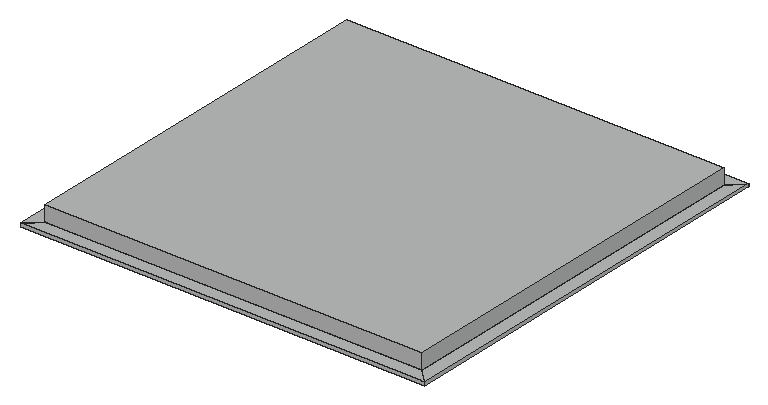
Revit family "AVRORA", category Осветительные приборы, Revit 2019 (continued)
Types (10, lengths in mm): name | built-in parameter 1150134 | Файл фотометрической сетки | built-in parameter 1150142 | built-in parameter 1150107 | Emit from Rectangle Width | Emit from Rectangle Length | Длина | Ширина | ADSK_Обозначение | ADSK_Наименование | ADSK_Код изделия
  AVRORA-32/opal-sand 595x595х25 (IP20, 4000К) с БАП на 3 часа | 12 | "Светильник AVRORA-32  OPAL-SAND-(595x595).ies" | "IESNA:LM-63-95\r\n[TEST] Протокол № 50-12 \r\n[DATA] 20.06.2016\r\n[MORE] \r\n[MANUFAC] ЗАО \"Центрстройсвет\"\r\n[LUMCAT]  Светильник ALUMOGIPS-38/OPAL-SAND-(610x610)\r\n[LUMINAIRE]\r\n[LAMPCAT] Светодиоды\r\n[LAMP] Поток источника света (светодиодов) не известен\r\n[MORE] КСС приведена в абсолютных величинах кд\r\n[MORE] Вместо потока лампы, указан поток светильника.\r\nTILT=NONE\r\n1    3750 1.0 37 73 1 2 0.61 0.61 0.04\r\n1.0 1.0 38.7\r\n0.0 5.0 10.0 15.0 20.0 25.0 30.0 35.0 40.0 45.0 50.0 55.0 60.0 65.0 70.0 75.0 80.0 85.0 90.0 95.0 100.0 105.0 110.0 115.0 120.0 125.0 130.0 135.0 140.0 145.0 150.0 155.0 160.0 165.0 170.0 175.0 180.0\r\n0.0 5.0 10.0 15.0 20.0 25.0 30.0 35.0 40.0 45.0 50.0 55.0 60.0 65.0 70.0 75.0 80.0 85.0 90.0 95.0 100.0 105.0 110.0 115.0 120.0 125.0 130.0 135.0 140.0 145.0 150.0 155.0 160.0 165.0 170.0 175.0 180.0 185.0 190.0 195.0 200.0 205.0 210.0 215.0 220.0 225.0 230.0 235.0 240.0 245.0 250.0 255.0 260.0 265.0 270.0 275.0 280.0 285.0 290.0 295.0 300.0 305.0 310.0 315.0 320.0 325.0 330.0 335.0 340.0 345.0 350.0 355.0 360.0\r\n1391.4 1390.6 1365.7 1330.6 1277.5 1214.9 1147.5 1059.6 967.6 873.2 772.4 664.9 556.3 449.1 342.7 240.6 147.1 64.2 4.7 0.0 0.0 0.0 0.0 0.0 0.0 0.0 0.0 0.0 0.0 0.0 0.0 0.0 0.0 0.0 0.0 0.0 0.0\r\n1391.4 1390.5 1367.8 1332.7 1284.3 1221.3 1147.0 1062.1 969.2 872.4 773.2 666.3 557.1 450.1 343.8 241.9 146.9 64.7 5.2 0.0 0.0 0.0 0.0 0.0 0.0 0.0 0.0 0.0 0.0 0.0 0.0 0.0 0.0 0.0 0.0 0.0 0.0\r\n1391.4 1390.2 1372.0 1333.3 1277.3 1216.8 1144.5 1057.4 969.6 875.1 773.8 669.5 560.0 454.6 345.8 242.4 148.5 65.8 5.4 0.0 0.0 0.0 0.0 0.0 0.0 0.0 0.0 0.0 0.0 0.0 0.0 0.0 0.0 0.0 0.0 0.0 0.0\r\n1391.4 1389.8 1371.2 1330.7 1279.5 1220.5 1148.3 1059.9 967.7 873.2 767.5 666.8 561.4 453.0 347.1 243.7 149.9 65.6 5.8 0.0 0.0 0.0 0.0 0.0 0.0 0.0 0.0 0.0 0.0 0.0 0.0 0.0 0.0 0.0 0.0 0.0 0.0\r\n1391.4 1389.8 1368.3 1329.3 1285.0 1214.6 1141.1 1058.7 971.8 871.3 775.2 666.9 559.4 452.6 345.8 242.5 150.0 65.8 6.1 0.0 0.0 0.0 0.0 0.0 0.0 0.0 0.0 0.0 0.0 0.0 0.0 0.0 0.0 0.0 0.0 0.0 0.0\r\n1391.4 1390.5 1367.3 1332.3 1281.7 1219.0 1142.8 1064.6 970.5 874.4 772.1 667.5 560.2 453.0 346.2 241.8 149.4 65.7 5.6 0.0 0.0 0.0 0.0 0.0 0.0 0.0 0.0 0.0 0.0 0.0 0.0 0.0 0.0 0.0 0.0 0.0 0.0\r\n1391.4 1391.4 1368.1 1333.5 1277.3 1215.7 1139.0 1059.6 968.1 872.4 771.6 667.4 558.8 453.3 344.3 243.9 148.4 65.7 5.4 0.0 0.0 0.0 0.0 0.0 0.0 0.0 0.0 0.0 0.0 0.0 0.0 0.0 0.0 0.0 0.0 0.0 0.0\r\n1391.4 1391.7 1368.1 1330.4 1278.2 1213.9 1142.4 1061.6 967.4 875.1 772.0 669.3 561.1 452.5 345.2 242.1 148.3 65.4 5.5 0.0 0.0 0.0 0.0 0.0 0.0 0.0 0.0 0.0 0.0 0.0 0.0 0.0 0.0 0.0 0.0 0.0 0.0\r\n1391.4 1391.5 1371.0 1328.4 1278.5 1216.7 1142.1 1061.2 971.8 874.7 772.1 668.9 560.8 452.9 345.4 243.3 147.7 66.0 5.4 0.0 0.0 0.0 0.0 0.0 0.0 0.0 0.0 0.0 0.0 0.0 0.0 0.0 0.0 0.0 0.0 0.0 0.0\r\n1391.4 1391.5 1373.2 1330.5 1277.3 1215.5 1143.2 1063.6 967.0 872.7 772.2 669.4 558.9 453.2 346.6 241.9 148.1 65.2 5.5 0.0 0.0 0.0 0.0 0.0 0.0 0.0 0.0 0.0 0.0 0.0 0.0 0.0 0.0 0.0 0.0 0.0 0.0\r\n1391.4 1391.4 1369.7 1328.3 1281.3 1216.0 1139.8 1057.9 968.7 875.3 773.9 667.6 561.8 454.0 344.0 243.1 147.2 65.6 5.5 0.0 0.0 0.0 0.0 0.0 0.0 0.0 0.0 0.0 0.0 0.0 0.0 0.0 0.0 0.0 0.0 0.0 0.0\r\n1391.4 1390.5 1367.9 1330.1 1278.1 1218.1 1138.9 1061.0 970.0 871.8 770.4 669.3 560.2 453.4 346.9 242.1 148.3 65.2 5.2 0.0 0.0 0.0 0.0 0.0 0.0 0.0 0.0 0.0 0.0 0.0 0.0 0.0 0.0 0.0 0.0 0.0 0.0\r\n1391.4 1389.3 1368.2 1329.1 1280.8 1214.4 1142.5 1059.2 967.2 874.3 772.4 668.0 563.1 452.3 345.7 242.8 146.8 64.9 5.1 0.0 0.0 0.0 0.0 0.0 0.0 0.0 0.0 0.0 0.0 0.0 0.0 0.0 0.0 0.0 0.0 0.0 0.0\r\n1391.4 1388.6 1367.4 1327.8 1278.0 1215.7 1141.0 1061.0 971.5 877.3 771.2 667.3 561.5 453.0 346.4 242.4 146.3 64.8 5.2 0.0 0.0 0.0 0.0 0.0 0.0 0.0 0.0 0.0 0.0 0.0 0.0 0.0 0.0 0.0 0.0 0.0 0.0\r\n1391.4 1388.0 1367.6 1326.7 1278.3 1218.0 1140.9 1061.5 968.4 873.4 770.1 666.6 562.1 454.6 344.8 241.8 146.4 64.0 5.5 0.0 0.0 0.0 0.0 0.0 0.0 0.0 0.0 0.0 0.0 0.0 0.0 0.0 0.0 0.0 0.0 0.0 0.0\r\n1391.4 1387.2 1366.1 1331.0 1281.4 1216.3 1142.7 1059.1 969.4 871.5 772.2 667.3 560.5 453.0 344.4 242.2 146.4 63.8 5.6 0.0 0.0 0.0 0.0 0.0 0.0 0.0 0.0 0.0 0.0 0.0 0.0 0.0 0.0 0.0 0.0 0.0 0.0\r\n1391.4 1387.1 1366.3 1328.7 1276.9 1214.5 1141.2 1059.3 968.4 874.3 775.5 668.3 562.5 454.9 346.4 241.3 146.2 63.5 5.7 0.0 0.0 0.0 0.0 0.0 0.0 0.0 0.0 0.0 0.0 0.0 0.0 0.0 0.0 0.0 0.0 0.0 0.0\r\n1391.4 1388.4 1366.0 1329.7 1279.2 1217.9 1140.0 1060.5 969.0 873.9 772.0 671.3 560.4 453.2 343.7 241.7 145.8 63.7 5.4 0.0 0.0 0.0 0.0 0.0 0.0 0.0 0.0 0.0 0.0 0.0 0.0 0.0 0.0 0.0 0.0 0.0 0.0\r\n1391.4 1389.6 1367.7 1329.3 1277.2 1211.1 1140.1 1061.0 971.0 871.2 769.2 669.1 561.5 453.1 343.3 241.9 145.8 63.4 5.2 0.0 0.0 0.0 0.0 0.0 0.0 0.0 0.0 0.0 0.0 0.0 0.0 0.0 0.0 0.0 0.0 0.0 0.0\r\n1391.4 1388.8 1366.9 1327.1 1279.4 1214.2 1142.5 1056.4 970.7 870.3 771.0 665.1 560.4 453.3 343.8 241.1 145.7 63.4 5.2 0.0 0.0 0.0 0.0 0.0 0.0 0.0 0.0 0.0 0.0 0.0 0.0 0.0 0.0 0.0 0.0 0.0 0.0\r\n1391.4 1387.2 1365.8 1328.9 1276.6 1210.2 1141.4 1059.3 966.6 871.4 770.5 667.4 559.2 451.4 344.2 241.0 145.6 63.2 5.1 0.0 0.0 0.0 0.0 0.0 0.0 0.0 0.0 0.0 0.0 0.0 0.0 0.0 0.0 0.0 0.0 0.0 0.0\r\n1391.4 1386.8 1364.4 1329.8 1279.4 1213.7 1144.0 1059.0 965.3 873.7 768.8 668.9 559.4 449.5 342.6 241.5 144.6 63.4 5.0 0.0 0.0 0.0 0.0 0.0 0.0 0.0 0.0 0.0 0.0 0.0 0.0 0.0 0.0 0.0 0.0 0.0 0.0\r\n1391.4 1388.1 1365.8 1328.1 1273.8 1213.4 1137.9 1059.2 967.3 869.2 769.3 667.7 558.4 451.4 344.0 240.6 145.7 63.4 4.9 0.0 0.0 0.0 0.0 0.0 0.0 0.0 0.0 0.0 0.0 0.0 0.0 0.0 0.0 0.0 0.0 0.0 0.0\r\n1391.4 1389.2 1364.4 1323.2 1276.3 1213.8 1137.6 1055.3 963.1 871.0 767.7 664.1 559.7 447.1 342.4 240.1 145.2 63.9 5.1 0.0 0.0 0.0 0.0 0.0 0.0 0.0 0.0 0.0 0.0 0.0 0.0 0.0 0.0 0.0 0.0 0.0 0.0\r\n1391.4 1388.4 1362.3 1326.8 1274.4 1212.2 1137.9 1054.7 966.7 867.9 768.7 663.4 557.3 449.2 343.3 240.0 145.7 63.6 5.0 0.0 0.0 0.0 0.0 0.0 0.0 0.0 0.0 0.0 0.0 0.0 0.0 0.0 0.0 0.0 0.0 0.0 0.0\r\n1391.4 1386.2 1361.8 1326.5 1273.3 1211.2 1134.5 1048.6 964.3 866.3 767.8 662.9 556.7 449.5 341.9 239.8 145.7 63.7 5.0 0.0 0.0 0.0 0.0 0.0 0.0 0.0 0.0 0.0 0.0 0.0 0.0 0.0 0.0 0.0 0.0 0.0 0.0\r\n1391.4 1384.4 1363.5 1324.4 1272.0 1209.5 1137.2 1053.0 960.2 867.5 767.9 662.7 556.7 449.2 342.5 239.1 146.2 63.8 4.8 0.0 0.0 0.0 0.0 0.0 0.0 0.0 0.0 0.0 0.0 0.0 0.0 0.0 0.0 0.0 0.0 0.0 0.0\r\n1391.4 1383.7 1362.4 1324.4 1274.0 1209.5 1134.4 1050.1 965.4 864.9 764.6 662.3 556.6 447.9 340.5 240.3 145.5 64.6 4.6 0.0 0.0 0.0 0.0 0.0 0.0 0.0 0.0 0.0 0.0 0.0 0.0 0.0 0.0 0.0 0.0 0.0 0.0\r\n1391.4 1384.4 1361.9 1326.9 1270.2 1207.3 1132.7 1050.1 959.7 867.7 763.1 662.2 555.0 447.3 343.0 238.3 145.8 63.9 4.7 0.0 0.0 0.0 0.0 0.0 0.0 0.0 0.0 0.0 0.0 0.0 0.0 0.0 0.0 0.0 0.0 0.0 0.0\r\n1391.4 1385.1 1363.0 1320.0 1270.4 1207.9 1134.4 1055.0 963.5 867.3 766.7 660.7 555.9 450.1 342.6 240.2 145.9 64.3 4.9 0.0 0.0 0.0 0.0 0.0 0.0 0.0 0.0 0.0 0.0 0.0 0.0 0.0 0.0 0.0 0.0 0.0 0.0\r\n1391.4 1384.9 1362.3 1321.4 1273.1 1208.0 1135.4 1052.3 961.9 865.0 764.0 660.8 553.5 447.6 341.2 240.3 146.1 63.8 4.8 0.0 0.0 0.0 0.0 0.0 0.0 0.0 0.0 0.0 0.0 0.0 0.0 0.0 0.0 0.0 0.0 0.0 0.0\r\n1391.4 1383.8 1361.2 1322.1 1265.1 1211.5 1132.8 1049.3 961.3 863.4 764.0 661.0 550.7 447.9 341.0 240.1 146.2 63.8 4.6 0.0 0.0 0.0 0.0 0.0 0.0 0.0 0.0 0.0 0.0 0.0 0.0 0.0 0.0 0.0 0.0 0.0 0.0\r\n1391.4 1382.8 1359.3 1321.5 1269.3 1206.8 1132.8 1051.1 958.3 863.2 763.1 662.7 553.4 448.0 340.4 240.0 145.8 63.8 4.0 0.0 0.0 0.0 0.0 0.0 0.0 0.0 0.0 0.0 0.0 0.0 0.0 0.0 0.0 0.0 0.0 0.0 0.0\r\n1391.4 1382.6 1359.0 1319.6 1268.1 1204.3 1129.8 1049.0 957.7 861.8 761.7 658.4 554.2 446.1 340.4 239.0 145.6 63.8 3.8 0.0 0.0 0.0 0.0 0.0 0.0 0.0 0.0 0.0 0.0 0.0 0.0 0.0 0.0 0.0 0.0 0.0 0.0\r\n1391.4 1382.8 1358.5 1315.8 1266.5 1202.1 1128.5 1049.2 957.6 860.0 762.1 658.2 549.9 443.8 339.6 238.4 145.7 63.6 3.7 0.0 0.0 0.0 0.0 0.0 0.0 0.0 0.0 0.0 0.0 0.0 0.0 0.0 0.0 0.0 0.0 0.0 0.0\r\n1391.4 1382.2 1360.5 1319.2 1265.9 1204.5 1129.9 1046.9 955.0 862.9 758.9 657.9 552.5 444.9 338.9 238.8 145.3 63.6 3.3 0.0 0.0 0.0 0.0 0.0 0.0 0.0 0.0 0.0 0.0 0.0 0.0 0.0 0.0 0.0 0.0 0.0 0.0\r\n1391.4 1381.1 1361.2 1321.0 1268.1 1203.8 1128.8 1047.4 955.6 863.7 761.1 656.4 551.5 445.2 339.2 238.5 144.7 62.5 3.5 0.0 0.0 0.0 0.0 0.0 0.0 0.0 0.0 0.0 0.0 0.0 0.0 0.0 0.0 0.0 0.0 0.0 0.0\r\n1391.4 1380.6 1359.0 1316.4 1268.5 1204.0 1126.1 1049.5 956.2 859.6 759.7 656.5 549.2 444.3 338.4 236.1 143.8 61.6 3.2 0.0 0.0 0.0 0.0 0.0 0.0 0.0 0.0 0.0 0.0 0.0 0.0 0.0 0.0 0.0 0.0 0.0 0.0\r\n1391.4 1380.7 1356.6 1316.0 1267.0 1205.6 1130.3 1044.8 956.9 856.7 759.3 653.5 548.1 441.9 335.3 235.4 141.4 60.3 2.9 0.0 0.0 0.0 0.0 0.0 0.0 0.0 0.0 0.0 0.0 0.0 0.0 0.0 0.0 0.0 0.0 0.0 0.0\r\n1391.4 1380.4 1354.4 1317.9 1268.8 1199.0 1129.0 1044.0 956.9 860.6 758.3 656.9 549.1 442.0 334.4 236.1 141.7 60.5 2.6 0.0 0.0 0.0 0.0 0.0 0.0 0.0 0.0 0.0 0.0 0.0 0.0 0.0 0.0 0.0 0.0 0.0 0.0\r\n1391.4 1380.1 1356.7 1322.1 1264.6 1201.7 1129.9 1047.4 957.2 859.7 758.2 656.1 549.4 442.8 335.3 235.8 141.3 60.6 2.3 0.0 0.0 0.0 0.0 0.0 0.0 0.0 0.0 0.0 0.0 0.0 0.0 0.0 0.0 0.0 0.0 0.0 0.0\r\n1391.4 1379.9 1357.3 1317.5 1265.9 1207.8 1129.2 1046.5 955.7 860.2 758.6 656.9 550.7 441.9 335.4 233.9 140.6 60.2 2.4 0.0 0.0 0.0 0.0 0.0 0.0 0.0 0.0 0.0 0.0 0.0 0.0 0.0 0.0 0.0 0.0 0.0 0.0\r\n1391.4 1379.2 1355.5 1314.6 1269.3 1203.7 1133.5 1044.8 957.2 857.9 762.0 656.6 548.7 440.4 335.9 234.5 140.4 59.8 2.8 0.0 0.0 0.0 0.0 0.0 0.0 0.0 0.0 0.0 0.0 0.0 0.0 0.0 0.0 0.0 0.0 0.0 0.0\r\n1391.4 1377.9 1357.1 1319.2 1271.9 1204.4 1128.6 1050.2 953.1 856.9 757.6 653.7 548.9 439.9 335.4 232.4 140.5 59.2 3.0 0.0 0.0 0.0 0.0 0.0 0.0 0.0 0.0 0.0 0.0 0.0 0.0 0.0 0.0 0.0 0.0 0.0 0.0\r\n1391.4 1377.2 1356.3 1322.9 1266.0 1204.8 1132.2 1049.0 958.1 859.3 759.0 654.6 547.0 441.6 334.9 232.1 139.3 58.8 2.9 0.0 0.0 0.0 0.0 0.0 0.0 0.0 0.0 0.0 0.0 0.0 0.0 0.0 0.0 0.0 0.0 0.0 0.0\r\n1391.4 1377.8 1353.8 1319.7 1269.6 1207.9 1135.8 1049.5 955.8 858.0 762.4 655.9 548.2 441.6 335.6 231.7 139.4 58.8 2.8 0.0 0.0 0.0 0.0 0.0 0.0 0.0 0.0 0.0 0.0 0.0 0.0 0.0 0.0 0.0 0.0 0.0 0.0\r\n1391.4 1378.5 1355.2 1319.8 1267.3 1206.5 1131.2 1046.1 954.6 861.2 756.6 653.8 548.1 440.3 335.0 232.6 138.6 59.0 2.9 0.0 0.0 0.0 0.0 0.0 0.0 0.0 0.0 0.0 0.0 0.0 0.0 0.0 0.0 0.0 0.0 0.0 0.0\r\n1391.4 1378.6 1355.1 1318.3 1269.7 1200.8 1133.1 1049.0 957.6 862.5 762.4 656.9 549.3 443.5 334.7 231.2 138.8 58.1 3.0 0.0 0.0 0.0 0.0 0.0 0.0 0.0 0.0 0.0 0.0 0.0 0.0 0.0 0.0 0.0 0.0 0.0 0.0\r\n1391.4 1378.8 1355.8 1321.7 1268.8 1210.0 1129.0 1048.5 958.8 862.4 762.2 656.4 549.0 441.1 335.4 231.5 138.5 58.1 3.0 0.0 0.0 0.0 0.0 0.0 0.0 0.0 0.0 0.0 0.0 0.0 0.0 0.0 0.0 0.0 0.0 0.0 0.0\r\n1391.4 1379.6 1357.6 1321.7 1269.0 1207.1 1133.9 1047.0 964.1 863.3 761.9 656.4 551.5 440.7 334.9 232.2 137.6 58.1 2.8 0.0 0.0 0.0 0.0 0.0 0.0 0.0 0.0 0.0 0.0 0.0 0.0 0.0 0.0 0.0 0.0 0.0 0.0\r\n1391.4 1380.6 1357.7 1319.2 1272.0 1207.5 1131.3 1054.6 959.0 863.3 764.8 655.9 549.1 443.0 335.1 231.3 138.0 58.1 2.7 0.0 0.0 0.0 0.0 0.0 0.0 0.0 0.0 0.0 0.0 0.0 0.0 0.0 0.0 0.0 0.0 0.0 0.0\r\n1391.4 1381.5 1358.5 1321.9 1271.0 1204.1 1135.9 1055.8 962.5 865.5 761.1 656.9 550.6 442.0 335.3 231.9 137.4 57.9 2.6 0.0 0.0 0.0 0.0 0.0 0.0 0.0 0.0 0.0 0.0 0.0 0.0 0.0 0.0 0.0 0.0 0.0 0.0\r\n1391.4 1381.3 1358.5 1322.3 1270.8 1207.2 1133.7 1051.9 958.0 867.3 767.5 657.0 552.1 442.3 333.6 231.2 137.9 57.8 2.6 0.0 0.0 0.0 0.0 0.0 0.0 0.0 0.0 0.0 0.0 0.0 0.0 0.0 0.0 0.0 0.0 0.0 0.0\r\n1391.4 1380.6 1359.4 1319.7 1270.6 1209.0 1133.0 1052.1 963.9 867.5 764.1 660.0 554.0 443.3 334.8 231.7 137.6 57.8 2.7 0.0 0.0 0.0 0.0 0.0 0.0 0.0 0.0 0.0 0.0 0.0 0.0 0.0 0.0 0.0 0.0 0.0 0.0\r\n1391.4 1381.3 1359.9 1321.3 1270.6 1204.8 1135.0 1051.3 962.1 865.5 761.7 660.3 553.1 443.5 334.1 231.9 137.9 57.8 2.8 0.0 0.0 0.0 0.0 0.0 0.0 0.0 0.0 0.0 0.0 0.0 0.0 0.0 0.0 0.0 0.0 0.0 0.0\r\n1391.4 1383.1 1362.1 1324.8 1273.8 1208.7 1134.8 1055.9 961.8 866.4 762.3 659.7 552.4 443.7 334.4 232.8 138.0 58.0 2.8 0.0 0.0 0.0 0.0 0.0 0.0 0.0 0.0 0.0 0.0 0.0 0.0 0.0 0.0 0.0 0.0 0.0 0.0\r\n1391.4 1384.6 1360.4 1321.7 1272.0 1210.6 1130.9 1052.5 963.1 866.7 767.4 659.3 553.7 444.6 335.4 233.1 138.3 58.0 2.8 0.0 0.0 0.0 0.0 0.0 0.0 0.0 0.0 0.0 0.0 0.0 0.0 0.0 0.0 0.0 0.0 0.0 0.0\r\n1391.4 1385.6 1357.5 1324.7 1273.9 1211.6 1134.3 1052.7 963.6 865.4 763.1 658.7 552.2 444.9 336.9 232.8 138.8 58.6 2.9 0.0 0.0 0.0 0.0 0.0 0.0 0.0 0.0 0.0 0.0 0.0 0.0 0.0 0.0 0.0 0.0 0.0 0.0\r\n1391.4 1386.4 1357.8 1323.4 1273.2 1212.2 1136.3 1054.7 967.5 867.5 764.0 659.4 553.3 443.7 336.8 233.2 138.9 58.5 3.1 0.0 0.0 0.0 0.0 0.0 0.0 0.0 0.0 0.0 0.0 0.0 0.0 0.0 0.0 0.0 0.0 0.0 0.0\r\n1391.4 1386.6 1362.0 1324.9 1273.2 1211.3 1139.0 1049.9 960.3 866.4 768.0 661.3 552.2 443.4 336.3 233.4 139.8 58.9 3.1 0.0 0.0 0.0 0.0 0.0 0.0 0.0 0.0 0.0 0.0 0.0 0.0 0.0 0.0 0.0 0.0 0.0 0.0\r\n1391.4 1386.0 1360.5 1326.0 1271.8 1212.0 1137.2 1059.3 963.5 867.6 766.9 661.2 552.3 445.8 337.8 233.6 141.0 59.2 3.3 0.0 0.0 0.0 0.0 0.0 0.0 0.0 0.0 0.0 0.0 0.0 0.0 0.0 0.0 0.0 0.0 0.0 0.0\r\n1391.4 1385.0 1362.3 1325.1 1272.0 1207.1 1138.5 1053.6 964.5 865.8 766.5 661.6 554.3 445.9 337.0 234.5 140.4 60.2 3.5 0.0 0.0 0.0 0.0 0.0 0.0 0.0 0.0 0.0 0.0 0.0 0.0 0.0 0.0 0.0 0.0 0.0 0.0\r\n1391.4 1384.4 1361.8 1323.6 1274.0 1214.8 1138.9 1053.9 968.0 867.9 769.0 663.8 555.6 446.7 339.6 235.0 141.3 60.4 3.4 0.0 0.0 0.0 0.0 0.0 0.0 0.0 0.0 0.0 0.0 0.0 0.0 0.0 0.0 0.0 0.0 0.0 0.0\r\n1391.4 1385.0 1360.9 1322.2 1272.4 1209.8 1137.2 1055.7 962.7 869.7 769.6 658.2 556.6 447.4 338.5 236.2 142.5 60.7 3.4 0.0 0.0 0.0 0.0 0.0 0.0 0.0 0.0 0.0 0.0 0.0 0.0 0.0 0.0 0.0 0.0 0.0 0.0\r\n1391.4 1386.6 1363.1 1323.6 1272.5 1211.5 1139.2 1058.4 969.9 868.0 768.8 664.6 556.3 445.8 342.1 236.1 142.3 61.2 3.5 0.0 0.0 0.0 0.0 0.0 0.0 0.0 0.0 0.0 0.0 0.0 0.0 0.0 0.0 0.0 0.0 0.0 0.0\r\n1391.4 1388.6 1360.9 1330.2 1273.7 1213.2 1138.7 1058.3 966.2 867.0 766.8 663.4 553.3 447.1 339.2 238.7 143.0 61.4 3.8 0.0 0.0 0.0 0.0 0.0 0.0 0.0 0.0 0.0 0.0 0.0 0.0 0.0 0.0 0.0 0.0 0.0 0.0\r\n1391.4 1389.8 1360.8 1328.4 1276.8 1216.0 1140.1 1055.8 963.1 870.3 768.4 663.1 554.0 449.1 340.1 237.3 144.8 61.7 3.8 0.0 0.0 0.0 0.0 0.0 0.0 0.0 0.0 0.0 0.0 0.0 0.0 0.0 0.0 0.0 0.0 0.0 0.0\r\n1391.4 1389.3 1362.5 1325.9 1278.0 1210.4 1138.2 1054.7 967.8 872.7 770.2 661.9 556.5 446.9 341.3 237.7 144.4 62.5 3.9 0.0 0.0 0.0 0.0 0.0 0.0 0.0 0.0 0.0 0.0 0.0 0.0 0.0 0.0 0.0 0.0 0.0 0.0\r\n1391.4 1387.8 1365.8 1326.6 1274.3 1213.2 1141.4 1053.1 966.2 871.2 768.4 663.7 555.0 447.1 341.3 238.2 144.3 62.7 4.1 0.0 0.0 0.0 0.0 0.0 0.0 0.0 0.0 0.0 0.0 0.0 0.0 0.0 0.0 0.0 0.0 0.0 0.0\r\n1391.4 1387.2 1364.2 1328.3 1274.8 1209.4 1145.0 1060.0 963.9 867.5 766.5 663.4 556.7 448.2 340.9 240.3 144.7 63.3 4.0 0.0 0.0 0.0 0.0 0.0 0.0 0.0 0.0 0.0 0.0 0.0 0.0 0.0 0.0 0.0 0.0 0.0 0.0\r\n1391.4 1388.4 1364.9 1332.6 1279.0 1215.6 1140.9 1056.3 969.3 867.1 770.0 663.8 559.0 449.0 342.4 240.3 145.7 63.3 4.7 0.0 0.0 0.0 0.0 0.0 0.0 0.0 0.0 0.0 0.0 0.0 0.0 0.0 0.0 0.0 0.0 0.0 0.0\r\n1391.4 1390.0 1364.5 1329.3 1281.4 1217.7 1141.3 1063.3 970.3 871.1 768.8 663.5 555.2 449.3 342.4 239.8 146.6 63.3 4.9 0.0 0.0 0.0 0.0 0.0 0.0 0.0 0.0 0.0 0.0 0.0 0.0 0.0 0.0 0.0 0.0 0.0 0.0\r\n1391.4 1390.6 1365.7 1330.6 1277.5 1214.9 1147.5 1059.6 967.6 873.2 772.4 664.9 556.3 449.1 342.7 240.6 147.1 64.2 4.7 0.0 0.0 0.0 0.0 0.0 0.0 0.0 0.0 0.0 0.0 0.0 0.0 0.0 0.0 0.0 0.0 0.0 0.0\r\n" | 4000 (stored number, unit not read) | 555 | 555 | 595 | 595 | "AVRORA-32/opal-sand 595x595х25 (IP20, 4000К)" | "Встраиваемый светодиодный светильник AVRORA-32/opal-sand 595x595х25 (IP20, 4000К) с БАП на 3 часа" | "ЦБ000008827"
